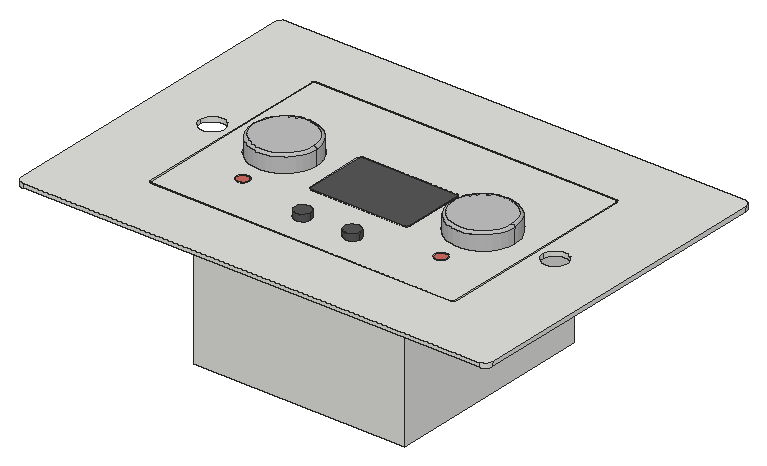
Revit family "Electronics_Commercial-Audio_Biamp_Wall-Control-Panel_ZONE4R", category Communication Devices, host Face, Revit 2020
Family settings
  Host = Face
  Maintain Annotation Orientation = No
  Round Connector Dimension = Use Diameter
  Part Type = Normal
  OmniClass Number = 23.85.10.11.14
  OmniClass Title = Audio Equipment
  Cut with Voids When Loaded = No
  Shared = No
  Room Calculation Point = No
Parameters (values of type "ZONE4R")
  Product data url = "https://www.bimobject.com/biamp/product/zone4r_commercial-audio-control-interface"
  Power type = "Phantom"  # constant formula
  Supported main unit = "ZONE4"  # constant formula
  Width = 0' - 4.48819"  # constant formula
  Weight = 0.308647 lbf  # constant formula
  Voltage = 0 V
  URL = "https://www.biamp.com/"
  Product Page URL = "https://www.biamp.com/products/product-families/commercial-audio/control-interfaces#zone4r"
  Product Documentation Link = "https://downloads.biamp.com/assets/docs/default-source/data-sheets/biamp_data_sheet_zone4r_aug20.pdf"
  Power Factor = 1
  Number of Poles = 1
  Model = "ZONE4R"  # constant formula
  Max. cable length in m = "100"  # constant formula
  Max. cable in mm² = "2.5"  # constant formula
  Max Power Consumption = 0 W
  Manufacturer = "Biamp"  # constant formula
  Housing Material = Biamp - Metal - Silver
  Height = 0' - 3.14961"  # constant formula
  Display = "2 digit LED"  # constant formula
  Description = "ZONE4R ZONE4 Wall Control Panel for Music Level & Source Select"  # constant formula
  Depth = 0' - 1.5748"  # constant formula
  Default Elevation = 4' - 0"
  Cut-out dimensions in mm = "70 x 55"  # constant formula
  Connector Description = "+12VDC; Power supply"  # constant formula
  Apparent Load = Max Power Consumption / Power Factor  # 0 VA
  Addressing = "Software"  # constant formula
Reference planes (in)
  plane 1 "Center (Front/Back)": y = 0
  plane 2: z = 0
  plane 3 "Center (Left/Right)": x = 0
Forms (in)
  Extrusion 1, solid, material "Biamp - Metal - Silver" <- "Housing Material", detail levels fine
    sketch origin (0, 0, 0) x (1, 0, 0) y (0, 1, 0)
      loop
        circle (-1.634, 0) r 0.11811
      loop
        circle (1.634, 0) r 0.11811
      loop
        line (2.1742, 1.5748) -> (-2.17271, 1.5748)
        arc (-2.17271, 1.5748) -> (-2.22319, 1.55389) -> (-2.24409, 1.50342) r 0.07139
        line (-2.24409, 1.50342) -> (-2.24409, -1.5019)
        arc (-2.24409, -1.5019) -> (-2.22274, -1.55345) -> (-2.17119, -1.5748) r 0.0729
        line (-2.17119, -1.5748) -> (2.1742, -1.5748)
        arc (2.1742, -1.5748) -> (2.22362, -1.55433) -> (2.24409, -1.50491) r 0.06989
        line (2.24409, -1.50491) -> (2.24409, 1.50491)
        arc (2.24409, 1.50491) -> (2.22362, 1.55433) -> (2.1742, 1.5748) r 0.0699
      loop
        circle (-0.23622, -0.66929) r 0.07874
      loop
        circle (0.23622, -0.66929) r 0.07874
    from 0 to 0.03937
  Extrusion 2, solid, material "Biamp - Metal - Silver" <- "Housing Material", detail levels fine
    sketch origin (0, 0, 0) x (1, 0, 0) y (0, 1, 0)
      loop
        line (-1.00394, 1.00394) -> (-1.00394, -1.00394) -> (1.00394, -1.00394) -> (1.00394, 1.00394) -> (-1.00394, 1.00394)
    from 0 to -1.33858
  Extrusion 3, void
    sketch origin (0, 0, 0) x (1, 0, 0) y (0, 1, 0)
      loop
        line (-1.00394, -1.00394) -> (1.00394, -1.00394) -> (1.00394, 1.00394) -> (-1.00394, 1.00394) -> (-1.00394, -1.00394)
    from 0 to -1.33858
  Extrusion 4, void
    sketch origin (0, 0, 0) x (1, 0, 0) y (0, 1, 0)
      loop
        line (0.27559, 0.6395) -> (-0.27559, 0.6395) -> (-0.27559, 0.2458) -> (0.27559, 0.2458) -> (0.27559, 0.6395)
    from -1.33858 to -1.29921
  Extrusion 5, solid, material "Biamp - Metal - Silver" <- "Housing Material", detail levels medium
    sketch origin (0, 0, 0) x (1, 0, 0) y (0, 1, 0)
      loop
        line (-2.24409, 1.5748) -> (-2.24409, -1.5748) -> (2.24409, -1.5748) -> (2.24409, 1.5748) -> (-2.24409, 1.5748)
      loop
        circle (-1.634, 0) r 0.11811
      loop
        circle (1.634, 0) r 0.11811
      loop
        circle (-0.23622, -0.66929) r 0.07874
      loop
        circle (0.23622, -0.66929) r 0.07874
    from 0 to 0.03937
  Extrusion 6, solid, material "Biamp - Metal - Silver" <- "Housing Material", detail levels medium
    sketch origin (0, 0, 0) x (1, 0, 0) y (0, 1, 0)
      loop
        line (-1.00394, 1.00394) -> (-1.00394, -1.00394) -> (1.00394, -1.00394) -> (1.00394, 1.00394) -> (-1.00394, 1.00394)
    from -1.33858 to 0
  Extrusion 7, solid, material "Biamp - Metal - Silver" <- "Housing Material", detail levels coarse
    sketch origin (0, 0, 0) x (1, 0, 0) y (0, 1, 0)
      loop
        line (-2.24409, 1.5748) -> (-2.24409, -1.5748) -> (2.24409, -1.5748) -> (2.24409, 1.5748) -> (-2.24409, 1.5748)
    from 0.03937 to 0
  Extrusion 8, solid, material "Biamp - Metal - Silver" <- "Housing Material", detail levels coarse
    sketch origin (0, 0, 0) x (1, 0, 0) y (0, 1, 0)
      loop
        line (-1.00394, 1.00394) -> (-1.00394, -1.00394) -> (1.00394, -1.00394) -> (1.00394, 1.00394) -> (-1.00394, 1.00394)
    from 0 to -1.33858
  Extrusion 9, void
    sketch origin (0, 0, 0) x (1, 0, 0) y (0, 1, 0)
      loop
        arc (-1.45669, -0.96056) -> (-1.44975, -0.97731) -> (-1.433, -0.98425) r 0.0237
        line (-1.433, -0.98425) -> (1.43661, -0.98425)
        arc (1.43661, -0.98425) -> (1.45081, -0.97837) -> (1.45669, -0.96417) r 0.02008
        line (1.45669, -0.96417) -> (1.45669, 0.96023)
        arc (1.45669, 0.96023) -> (1.44966, 0.97722) -> (1.43267, 0.98425) r 0.02402
        line (1.43267, 0.98425) -> (-1.43441, 0.98425)
        arc (-1.43441, 0.98425) -> (-1.45017, 0.97772) -> (-1.45669, 0.96197) r 0.02229
        line (-1.45669, 0.96197) -> (-1.45669, -0.96056)
      loop
        line (-1.44669, 0.95146) -> (-1.44669, -0.95425)
        arc (-1.44669, -0.95425) -> (-1.44084, -0.96839) -> (-1.42669, -0.97425) r 0.02
        line (-1.42669, -0.97425) -> (1.42185, -0.97425)
        arc (1.42185, -0.97425) -> (1.43942, -0.96698) -> (1.44669, -0.94941) r 0.02484
        line (1.44669, -0.94941) -> (1.44669, 0.94977)
        arc (1.44669, 0.94977) -> (1.43952, 0.96708) -> (1.42221, 0.97425) r 0.02448
        line (1.42221, 0.97425) -> (-1.42391, 0.97425)
        arc (-1.42391, 0.97425) -> (-1.44002, 0.96758) -> (-1.44669, 0.95146) r 0.02279
    from 0.01762 to 0.39123
  Extrusion 10, void
    sketch origin (0, 0, 0) x (1, 0, 0) y (0, 1, 0)
      loop
        circle (-0.94488, 0) r 0.31496
      loop
        circle (0.94488, 0) r 0.31496
      loop
        arc (-0.43285, 0.31496) -> (-0.46084, 0.30336) -> (-0.47244, 0.27537) r 0.03959
        line (-0.47244, 0.27537) -> (-0.47244, -0.27537)
        arc (-0.47244, -0.27537) -> (-0.46084, -0.30336) -> (-0.43285, -0.31496) r 0.03959
        line (-0.43285, -0.31496) -> (0.43285, -0.31496)
        arc (0.43285, -0.31496) -> (0.46084, -0.30336) -> (0.47244, -0.27537) r 0.03959
        line (0.47244, -0.27537) -> (0.47244, 0.27537)
        arc (0.47244, 0.27537) -> (0.46084, 0.30336) -> (0.43285, 0.31496) r 0.03959
        line (0.43285, 0.31496) -> (-0.43285, 0.31496)
    from 0.01762 to 0.19685
  Extrusion 11, solid, material "Biamp - Plastic - Gray", detail levels fine
    sketch origin (0, 0, 0) x (1, 0, 0) y (0, 1, 0)
      loop
        circle (-0.94488, 0) r 0.30315
      loop
        circle (0.94488, 0) r 0.30315
    from 0.01762 to 0.19685
  Sweep 12, void
    path in 3D
      loop
        arc (-0.64173, 0, 0.19685) -> (-0.94488, -0.30315, 0.19685) -> (-1.24803, 0, 0.19685) r 0.30315
        arc (-1.24803, 0, 0.19685) -> (-0.94488, 0.30315, 0.19685) -> (-0.64173, 0, 0.19685) r 0.30315
    profile origin (-0.94488, 0.30315, 0.19685) x (0, 1, 0) y (0, 0, 1)
      loop
        line (0, -0.02387) -> (0.01325, 0.01206) -> (-0.02387, 0)
        arc (-0.02387, 0) -> (-0.00932, -0.00932) -> (0, -0.02387) r 0.04038
  Sweep 13, void
    path in 3D
      loop
        arc (0.64173, 0, 0.19685) -> (0.94488, -0.30315, 0.19685) -> (1.24803, 0, 0.19685) r 0.30315
        arc (1.24803, 0, 0.19685) -> (0.94488, 0.30315, 0.19685) -> (0.64173, 0, 0.19685) r 0.30315
    profile origin (0.94488, 0.30315, 0.19685) x (0, -1, 0) y (0, 0, 1)
      loop
        arc (0, -0.02387) -> (0.00932, -0.00932) -> (0.02387, 0) r 0.04038
        line (0.02387, 0) -> (-0.01325, 0.01206) -> (0, -0.02387)
  Extrusion 14, solid, material "Biamp - Plastic - Black", detail levels fine
    sketch origin (0, 0, 0) x (1, 0, 0) y (0, 1, 0)
      loop
        circle (-0.23622, -0.66929) r 0.0748
      loop
        circle (0.23622, -0.66929) r 0.0748
    from 0.01762 to 0.09843
  Extrusion 15, solid, material "Biamp - Plastic - Black", detail levels fine
    sketch origin (0, 0, 0) x (1, 0, 0) y (0, 1, 0)
      loop
        circle (-0.23622, -0.66929) r 0.0748
      loop
        circle (0.23622, -0.66929) r 0.0748
    from 0.01762 to 0.09843
  Extrusion 16, solid, material "Biamp - Plastic - Black", detail levels medium
    sketch origin (0, 0, 0) x (1, 0, 0) y (0, 1, 0)
      loop
        circle (-0.23622, -0.66929) r 0.0748
      loop
        circle (0.23622, -0.66929) r 0.0748
    from 0.01762 to 0.09843
  Extrusion 17, solid, material "Biamp - Grill - Black", detail levels fine
    sketch origin (0, 0, 0) x (1, 0, 0) y (0, 1, 0)
      loop
        line (-0.47244, 0.27537) -> (-0.47244, -0.27537)
        arc (-0.47244, -0.27537) -> (-0.46084, -0.30336) -> (-0.43285, -0.31496) r 0.03959
        line (-0.43285, -0.31496) -> (0.43285, -0.31496)
        arc (0.43285, -0.31496) -> (0.46084, -0.30336) -> (0.47244, -0.27537) r 0.03959
        line (0.47244, -0.27537) -> (0.47244, 0.27537)
        arc (0.47244, 0.27537) -> (0.46084, 0.30336) -> (0.43285, 0.31496) r 0.03959
        line (0.43285, 0.31496) -> (-0.43285, 0.31496)
        arc (-0.43285, 0.31496) -> (-0.46084, 0.30336) -> (-0.47244, 0.27537) r 0.03959
    from 0.03937 to 0.01762
  Extrusion 18, void
    sketch origin (0, 0, 0) x (1, 0, 0) y (0, 1, 0)
      loop
        circle (-0.94488, -0.49951) r 0.05906
      loop
        circle (0.94488, -0.49951) r 0.05906
    from 0.01762 to 0.03937
  Extrusion 19, solid, material "Biamp - Plastic - Red", detail levels fine
    sketch origin (0, 0, 0) x (1, 0, 0) y (0, 1, 0)
      loop
        circle (-0.94488, -0.49951) r 0.05906
      loop
        circle (0.94488, -0.49951) r 0.05906
    from 0.03937 to 0.01762
Cuts and joins
  Extrusion 4, Extrusion 9, Extrusion 10, Extrusion 18 cuts Extrusion 1
  Extrusion 4 cuts Extrusion 2
  Extrusion 4 cuts Extrusion 8
  Extrusion 4 cuts Extrusion 6
  Sweep 12, Sweep 13 cuts Extrusion 11
Lines and regions (in)
  Masking region 1
    outline origin (0, 0, 0) x (1, 0, 0) y (0, 1, 0)
      loop
        line (-2.24409, 1.5748) -> (-2.24409, -1.5748) -> (2.24409, -1.5748) -> (2.24409, 1.5748) -> (-2.24409, 1.5748)
  Masking region 2
    outline origin (0, 0, 0) x (1, 0, 0) y (0, 0, 1)
      loop
        line (-2.24409, 0.03937) -> (-2.24409, 0) -> (2.24409, 0) -> (2.24409, 0.03937) -> (-2.24409, 0.03937)
  Masking region 3
    outline origin (0, 0, 0) x (1, 0, 0) y (0, 0, 1)
      loop
        line (-1.00394, 0) -> (-1.00394, -1.33858) -> (1.00394, -1.33858) -> (1.00394, 0) -> (-1.00394, 0)
  Masking region 4
    outline origin (0, 0, 0) x (1, 0, 0) y (0, 0, 1)
      loop
        line (-1.25, 0.19685) -> (-1.25, 0.03937) -> (-0.63762, 0.03937) -> (-0.63762, 0.19685) -> (-1.25, 0.19685)
      loop
        line (0.16328, 0.09843) -> (0.16328, 0.03937) -> (0.31099, 0.03937) -> (0.31099, 0.09843) -> (0.16328, 0.09843)
      loop
        line (0.63931, 0.19685) -> (0.63931, 0.03937) -> (1.24746, 0.03937) -> (1.24746, 0.19685) -> (0.63931, 0.19685)
      loop
        line (-0.16328, 0.09843) -> (-0.31099, 0.09843) -> (-0.31099, 0.03937) -> (-0.16328, 0.03937) -> (-0.16328, 0.09843)
  Masking region 5
    outline origin (0, 0, 0) x (1, 0, 0) y (0, 1, 0)
      loop
        line (-1.45669, 0.96197) -> (-1.45669, -0.96056)
        arc (-1.45669, -0.96056) -> (-1.44975, -0.97731) -> (-1.433, -0.98425) r 0.0237
        line (-1.433, -0.98425) -> (1.43661, -0.98425)
        arc (1.43661, -0.98425) -> (1.45081, -0.97837) -> (1.45669, -0.96417) r 0.02008
        line (1.45669, -0.96417) -> (1.45669, 0.96023)
        arc (1.45669, 0.96023) -> (1.44966, 0.97722) -> (1.43267, 0.98425) r 0.02402
        line (1.43267, 0.98425) -> (-1.43441, 0.98425)
        arc (-1.43441, 0.98425) -> (-1.45017, 0.97772) -> (-1.45669, 0.96197) r 0.02229
  Masking region 6
    outline origin (0, 0, 0) x (1, 0, 0) y (0, 1, 0)
      loop
        circle (-0.94488, 0) r 0.31496
      loop
        line (-0.47244, 0.27537) -> (-0.47244, -0.27537)
        arc (-0.47244, -0.27537) -> (-0.46084, -0.30336) -> (-0.43285, -0.31496) r 0.03959
        line (-0.43285, -0.31496) -> (0.43285, -0.31496)
        arc (0.43285, -0.31496) -> (0.46084, -0.30336) -> (0.47244, -0.27537) r 0.03959
        line (0.47244, -0.27537) -> (0.47244, 0.27537)
        arc (0.47244, 0.27537) -> (0.46084, 0.30336) -> (0.43285, 0.31496) r 0.03959
        line (0.43285, 0.31496) -> (-0.43285, 0.31496)
        arc (-0.43285, 0.31496) -> (-0.46084, 0.30336) -> (-0.47244, 0.27537) r 0.03959
      loop
        circle (0.94488, 0) r 0.31496
      loop
        circle (-0.23622, -0.66929) r 0.07874
      loop
        circle (0.23622, -0.66929) r 0.07874
  sketch lines
    curve 1: arc (-1.24803, 0, 0.19685) -> (-0.94488, 0.30315, 0.19685) -> (-0.64173, 0, 0.19685) r 0.30315
    curve 2: arc (-0.64173, 0, 0.19685) -> (-0.94488, -0.30315, 0.19685) -> (-1.24803, 0, 0.19685) r 0.30315
    curve 3: arc (1.24803, 0, 0.19685) -> (0.94488, 0.30315, 0.19685) -> (0.64173, 0, 0.19685) r 0.30315
    curve 4: arc (0.64173, 0, 0.19685) -> (0.94488, -0.30315, 0.19685) -> (1.24803, 0, 0.19685) r 0.30315
Dimensions and locks (in)
  aligned and locked: plane 2 to host face
  aligned and locked: level to host face
  aligned and locked: Masking region 6 sketch curve to Extrusion 17
Connectors (in)
  electrical at (-0.12123, 0.43868, -1.29921)
    settings: on Extrusion 4, index 2, voltage 0 V, apparent load 0 VA, apparent load phase1 0 VA, apparent load phase2 0 VA, apparent load phase3 0 VA, power factor 1, load classification "Other", number of poles 1, system type 5, power factor state 1, is connector primary yes, connector utility no, sub classification motor no, connector description "Rx B, Tx A; Data connector"
  electrical at (0.14193, 0.44058, -1.29921), driven by "Number of Poles", driven by "Voltage", driven by "Apparent Load", driven by "Power Factor", driven by "Connector Description"
    settings: on Extrusion 4, index 3, voltage 0 V, apparent load 0 VA, apparent load phase1 0 VA, apparent load phase2 0 VA, apparent load phase3 0 VA, power factor 1, load classification "Other", number of poles 1, system type 31, power factor state 1, is connector primary no, connector utility no, sub classification motor no, connector description "+12VDC; Power supply"
